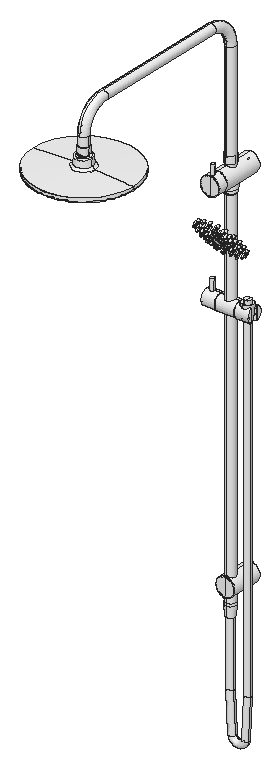
Revit family "Reece_Shower_Posh_Domaine_Rail Shower_Twin", category Plumbing Fixtures, Revit 2018
Family settings
  Round Connector Dimension = Use Diameter
  Part Type = Normal
  Work Plane-Based = Yes
  Always vertical = Yes
  Cut with Voids When Loaded = Yes
  Shared = Yes
  Room Calculation Point = Yes
Parameters (values of type "Chrome")
  URL = "https://www.reece.com.au/product/-2213365"
  Type Comments = "Shower"
  Reece_Tap_Inlet = 12 mm  # constant formula
  Reece_Rail_Length = 1155 mm  # constant formula
  Reece_Product_Web Page = "https://www.reece.com.au/product/-2213365"
  Reece_Product_Type = "Shower"  # constant formula
  Reece_Product_Sub Brand = "Domaine"  # constant formula
  Reece_Product_Number = "2213365"
  Reece_Product_Mount = "Wall Mounted"
  Reece_Product_Description = "Posh Domaine Twin Rail Shower with Top Rail Water Inlet Chrome (3 Star)"
  Reece_Product_Brand = "Posh"  # constant formula
  Reece_Overall_Width = 460 mm  # constant formula
  Reece_Overall_Diameter = 220 mm  # constant formula
  Reece_Material_Secondary = Reece_Brass_Chrome
  Reece_Material_Main = Reece_Brass_Chrome
  Reece_Height_From_Level [instance] = 1800 mm
  Reece_Detail_Shape = ""
  Reece_Detail_Installation = ""
  Reece_Detail_Disclaimer = "THIS FILE IS THE PROPERTY OF THE REECE GROUP. IT MAY NOT BE REPRODUCED, REVERSE-ENGINEERED OR MODIFIED. ANY REPUBLICATION, TRANSMISSION OR DISTRIBUTION FOR THE PURPOSE OF COMMERCIALLY EXPLOITING THE FILES IS PROHIBITED."  # constant formula
  Reece_Detail_Connector = ""
  Reece_Detail_Additional = ""
  Model = "Domaine"
  Manufacturer = "Posh"
  Keynote = "Product #2213365, Reece_Shower_Posh_Domaine_Rail Shower_Twin - Chrome"
  Disclaimer = "THIS FILE IS THE PROPERTY OF THE REECE GROUP. IT MAY NOT BE REPRODUCED, REVERSE-ENGINEERED OR MODIFIED. ANY REPUBLICATION, TRANSMISSION OR DISTRIBUTION FOR THE PURPOSE OF COMMERCIALLY EXPLOITING THE FILES IS PROHIBITED."  # constant formula
  Description = "Posh Domaine Twin Rail Shower Chrome (3 Star)"
  Default Elevation = 0 mm
Reference planes
  plane 1 "Center (Front/Back)": y = 0
  plane 2 "Height From Floor": z = 1800
  plane 3 "Center (Left/Right)": x = 0
  plane 4 "Bottom Of Invisible Line": z = -5
  plane 5: z = 1983
  plane 6: z = 989
  plane 7 "Showerhead": y = -460
  plane 8: x = -110
  plane 9: x = 110
  plane 10: z = 955
  plane 11 "cap": z = 2033.4
  plane 12 "Main Rail": y = -55
  plane 13 "Handshower": x = 37.867
  plane 14 "Handshower Holder": z = 1540
  plane 15: z = 2110
  plane 16: y = -112
Forms (mm)
  Extrusion 1, void
    sketch origin (0, 0, 1540) x (-1, 0, 0) y (0, -1, 0)
      loop
        line (-51.5, 46.759) -> (-36.728, 49.363) -> (-36.728, 60.637) -> (-51.5, 63.241) -> (-52.7, 64.241) -> (-56.166, 64.241) -> (-56.166, 45.759) -> (-52.7, 45.759) -> (-51.5, 46.759)
    from -17.956 to 18.372
  Extrusion 2, solid, material "Reece_Brass_Chrome" <- "Reece_Material_Main"
    sketch origin (0, 5, 1092.1) x (0, -1, 0) y (1, 0, 0)
      loop
        circle (60, 0) r 10.5
    from -137.1 to 707.9
  Sweep 3, solid, material "Reece_Brass_Chrome" <- "Reece_Material_Main"
    path origin (0, 5, 1854) x (0, 0, 1) y (0, -1, 0)
      loop
        line (-54, 60) -> (202.069, 60)
        arc (202.069, 60) -> (240.204, 75.796) -> (256, 113.931) r 53.931
        line (256, 113.931) -> (256, 411.069)
        arc (256, 411.069) -> (240.204, 449.204) -> (202.069, 465) r 53.931
    profile origin (0, -55, 1928.034) x (0, -1, 0) y (1, 0, 0)
      loop
        circle (0, 0) r 10.5
      loop
        circle (0, 0) r 10.3
  Extrusion 4, solid, material "Reece_Brass_Chrome" <- "Reece_Material_Main"
    sketch origin (0, 0, 1800) x (1, 0, 0) y (0, 1, 0)
      loop
        circle (0, -103.5) r 4
    from 0 to 40.3
  Revolve 5, solid, material "Reece_Brass_Chrome" <- "Reece_Material_Main"
    sketch origin (0, 0, 9) x (0, 1, 0) y (0, 0, 1)
      loop
        line (0, 1797.5) -> (0, 1811.5) -> (-90, 1811.5) -> (-90, 1810.5) -> (-91, 1810.5) -> (-91, 1811.5) -> (-111.5, 1811.5)
        arc (-111.5, 1811.5) -> (-111.854, 1811.354) -> (-112, 1811) r 0.5
        line (-112, 1811) -> (-112, 1791) -> (-42.172, 1791) -> (-42.172, 1797.5) -> (0, 1797.5)
      axis (0, 1791) -> (-112, 1791)
    angle from 0 to 360
  Extrusion 6, solid, material "Reece_Brass_Chrome" <- "Reece_Material_Main"
    sketch origin (0, 5, 1834.3) x (0, -1, 0) y (1, 0, 0)
      loop
        circle (60, 0) r 12
    from -9 to 6
  Extrusion 7, solid, material "Reece_Brass_Chrome" <- "Reece_Material_Main"
    sketch origin (0, 0, 1540) x (-1, 0, 0) y (0, -1, 0)
      loop
        circle (40, 55) r 4
    from 0 to 40
  Revolve 8, solid, material "Reece_Brass_Chrome" <- "Reece_Material_Main"
    sketch origin (0, 0, 1898.3) x (0, 0, 1) y (0, -1, 0)
      loop
        line (-971.093, 64.6) -> (-971.093, 55) -> (-943.3, 55) -> (-943.3, 66.175) -> (-947.468, 66.175) -> (-947.468, 63.625) -> (-949.093, 63.625) -> (-949.093, 66.067) -> (-971.093, 64.6)
      axis (-971.093, 55) -> (-943.3, 55)
    angle from 0 to 360
  Extrusion 9, void
    sketch origin (-5, 2.2, 1858.5) x (0, 0, 1) y (0, -1, 0)
      loop
        line (-18.2, 46.492) -> (-21.7, 46.492) -> (-21.7, 44.837) -> (-18.2, 44.837) -> (-18.2, 46.492)
      loop
        line (-18.2, 67.908) -> (-18.2, 69.563) -> (-21.7, 69.563) -> (-21.7, 67.908) -> (-18.2, 67.908)
    from -5.536 to 16.067
  Revolve 10, solid, material "Reece_Brass_Chrome" <- "Reece_Material_Main"
    sketch origin (37.867, 0, 0) x (0, 0, 1) y (0, -1, 0)
      loop
        line (1558.372, 42.553) -> (1558.372, 47.521) -> (1565.021, 47.521) -> (1565.021, 54.948) -> (1524.415, 54.948) -> (1524.415, 46.853)
        arc (1524.415, 46.853) -> (1524.673, 46.182) -> (1525.315, 45.858) r 1
        line (1525.315, 45.858) -> (1558.372, 42.553)
      axis (1524.415, 54.948) -> (1565.021, 54.948)
    angle from 0 to 360
  Revolve 11, solid, material "Reece_Brass_Chrome" <- "Reece_Material_Main"
    sketch origin (0, -460, -50) x (0, 0, 1) y (-1, 0, 0)
      loop
        line (2083.4, 0) -> (2106.069, 0) -> (2106.069, 10.5) -> (2086.4, 10.5) -> (2086.4, 8) -> (2083.4, 8) -> (2083.4, 0)
      axis (2083.4, 0) -> (2106.069, 0)
    angle from 0 to 360
  Revolve 12, solid, material "Reece_Brass_Chrome" <- "Reece_Material_Main"
    sketch origin (0, 5, 1860.4) x (0, 0, 1) y (0, -1, 0)
      loop
        line (-86.4, 70.808) -> (-87.9, 70.808) -> (-87.9, 73) -> (-93.4, 73) -> (-94.4, 72) -> (-95.7, 72) -> (-95.7, 60) -> (-60.4, 60) -> (-60.4, 73.8) -> (-86.4, 73.8) -> (-86.4, 70.808)
      axis (-95.7, 60) -> (-60.4, 60)
    angle from 0 to 360
  Revolve 13, solid, material "Reece_Brass_Chrome" <- "Reece_Material_Main"
    sketch origin (0, 0, 0) x (0, 1, 0) y (0, 0, 1)
      loop
        line (0, 1009.5) -> (-69.5, 1009.5)
        arc (-69.5, 1009.5) -> (-69.854, 1009.354) -> (-70, 1009) r 0.5
        line (-70, 1009) -> (-70, 989) -> (-40.96, 989) -> (-40.96, 996.5) -> (0, 996.5) -> (0, 1009.5)
      axis (0, 989) -> (-70, 989)
    angle from 0 to 360
  Revolve 14, void
    sketch origin (37.867, 0, 0) x (0, 0, 1) y (0, -1, 0)
      loop
        line (1522.044, 55) -> (1558.967, 55) -> (1558.967, 68.894) -> (1522.044, 64.36) -> (1522.044, 55)
      axis (1522.044, 55) -> (1558.967, 55)
    angle from 0 to 360
  Revolve 15, solid, material "Reece_Brass_Chrome" <- "Reece_Material_Main"
    sketch origin (0, -55, 0) x (0, 0, -1) y (-1, 0, 0)
      loop
        line (-1540, 51.6) -> (-1556.5, 51.6)
        arc (-1556.5, 51.6) -> (-1556.854, 51.454) -> (-1557, 51.1) r 0.5
        line (-1557, 51.1) -> (-1557, 21.9) -> (-1554.938, 21.9) -> (-1554.938, 21.1) -> (-1557, 21.1) -> (-1557, -21.1) -> (-1554.938, -21.1) -> (-1554.938, -22.7) -> (-1557.009, -22.7) -> (-1557.009, -52.7) -> (-1540, -52.7) -> (-1540, 51.6)
      axis (-1540, -52.7) -> (-1540, 51.6)
    angle from 0 to 360
  Sweep 16, solid, material "Reece_Brass_Chrome" <- "Reece_Material_Main"
    path origin (0, -55, 0) x (0, 0, -1) y (-1, 0, 0)
      loop
        line (-955, 0) -> (-782.94, 0)
        arc (-782.94, 0) -> (-738.256, -0.999) -> (-693.661, -3.993) r 1000
        arc (-693.661, -3.993) -> (-680, -18.933) -> (-693.661, -33.874) r 15
        arc (-693.661, -33.874) -> (-738.256, -36.868) -> (-782.94, -37.867) r 1000
        line (-782.94, -37.867) -> (-1540, -37.867)
    profile origin (37.867, -55, 1161.47) x (1, 0, 0) y (0, 1, 0)
      loop
        circle (0, 0) r 7.5
Cuts and joins
  Extrusion 9 cuts Extrusion 6
  Extrusion 1, Revolve 14 cuts Revolve 15
  joined: Extrusion 2, Sweep 3, Extrusion 4, Revolve 5, Extrusion 7, Revolve 12, Revolve 13, Revolve 15
Lines and regions (mm)
  model lines, style "InvisibleLines"
    curve 1: line (0, 0, -5) -> (0, 0, 1800)
Text (mm)
  text "Reece ©" at (2772.397, -2505.495, 2738.92), in view "Reece Preview"
Dimensions and locks
  "Reece_Height_From_Level": plane 2 "Height From Floor" to level
  "Reece_Overall_Width": plane 1 "Center (Front/Back)" to nested 2
  cut or joined group of Extrusion 6, Extrusion 9 to cut or joined group of Extrusion 6, Extrusion 9 to plane 2 "Height From Floor" = 15 mm locked, 25.3 mm locked
  plane 15 to plane 11 "cap" to plane 5 to plane 2 "Height From Floor" to plane 14 "Handshower Holder" = 76.6 mm locked, 50.4 mm locked, 183 mm locked, 260 mm locked
  locked: plane 14 "Handshower Holder" to nested 1 at 19.537
  locked: plane 2 "Height From Floor" to plane 6 at 811
  cut or joined group 1 (Extrusion 1, Extrusion 2, Sweep 3, Extrusion 4, Revolve 5, Extrusion 7, Revolve 12, Revolve 13, Revolve 14, Revolve 15) to cut or joined group 1 = 21 mm
  cut or joined group 1 to cut or joined group 1 = 34 mm
  cut or joined group 1 to cut or joined group 1 = 41 mm  (x2)
  plane 5 to plane 2 "Height From Floor" = 183 mm
  plane 2 "Height From Floor" to plane 10 = 845 mm
  plane 8 to nested 2 = 121.525 mm
  "Reece_Overall_Width": plane 7 "Showerhead" to plane 1 "Center (Front/Back)"
  plane 1 "Center (Front/Back)" to plane 16 = 112 mm
  "Reece_Rail_Length": plane 10 to plane 15
  "Reece_Overall_Diameter": plane 8 to nested 2
  aligned and locked: plane 2 "Height From Floor" to curve 1
  aligned and locked: plane 4 "Bottom Of Invisible Line" to curve 1
  aligned and locked: plane 3 "Center (Left/Right)" to curve 1
  aligned and locked: Revolve 5 sketch curve to plane 2 "Height From Floor"
  aligned and locked: Extrusion 4 to plane 2 "Height From Floor"
  aligned and locked: cut or joined group of Extrusion 6, Extrusion 9 to cut or joined group of Extrusion 6, Extrusion 9  (x2)
  aligned and locked: plane 2 "Height From Floor" to Sweep 3 sketch curve
  aligned and locked: plane 2 "Height From Floor" to Revolve 12 sketch curve
  aligned and locked: Extrusion 4 to cut or joined group of Extrusion 6, Extrusion 9
  aligned and locked: plane 2 "Height From Floor" to Extrusion 2
  aligned and locked: Extrusion 9 sketch curve to cut or joined group of Extrusion 6, Extrusion 9  (x2)
  aligned and locked: Revolve 8 sketch curve to plane 12 "Main Rail"
  aligned and locked: Revolve 8 sketch curve to plane 10
  aligned and locked: plane 10 to Extrusion 2
  aligned and locked: Revolve 10 to Extrusion 1
  aligned and locked: Revolve 14 to Extrusion 1
  aligned and locked: plane 14 "Handshower Holder" to Extrusion 7
  aligned and locked: plane 14 "Handshower Holder" to Sweep 16 sketch curve
  aligned and locked: plane 10 to Sweep 16 sketch curve
  aligned and locked: Revolve 11 to cut or joined group 1
  aligned and locked: plane 15 to Sweep 3 sketch curve
  aligned and locked: Revolve 11 to Revolve 11
  aligned and locked: Sweep 3 sketch curve to Revolve 11
Automatic sketch dimensions
  Extrusion 2 sketch curve to plane 3 "Center (Left/Right)" = 0 mm
  plane 1 "Center (Front/Back)" to Extrusion 2 sketch curve = 55 mm
  Extrusion 6 sketch curve to plane 3 "Center (Left/Right)" = 0 mm
  plane 1 "Center (Front/Back)" to Extrusion 6 sketch curve = 55 mm
  Sweep 3 sketch curve to plane 7 "Showerhead" = 0 mm
  plane 11 "cap" to Sweep 3 sketch curve = 22.669 mm
  Sweep 3 sketch curve to Sweep 3 sketch curve = 0 mm  (x2)
  Sweep 3 sketch curve to profile plane = 0 mm  (x2)
  Extrusion 9 sketch curve to Extrusion 9 sketch curve = 0 mm
  Extrusion 9 sketch curve to Extrusion 9 sketch curve = 3.5 mm
  plane 1 "Center (Front/Back)" to Extrusion 9 sketch curve = 42.637 mm
  Extrusion 9 sketch curve to Extrusion 9 sketch curve = 1.655 mm  (x2)
  Extrusion 9 sketch curve to Extrusion 9 sketch curve = 21.417 mm
  Revolve 11 sketch curve to plane 3 "Center (Left/Right)" = 0 mm  (x2)
  Revolve 11 sketch curve to plane 11 "cap" = 0 mm  (x2)
  plane 11 "cap" to Revolve 11 sketch curve = 3 mm
  Revolve 11 sketch curve to Revolve 11 sketch curve = 19.669 mm
  Revolve 11 sketch curve to plane 3 "Center (Left/Right)" = 8 mm
  Revolve 11 sketch curve to Revolve 11 sketch curve = 2.5 mm
  Revolve 11 sketch curve to Revolve 11 sketch curve = 0.379 mm
  Revolve 12 sketch curve to plane 2 "Height From Floor" = 26 mm
  Revolve 12 sketch curve to Revolve 12 sketch curve = 1.5 mm
  Revolve 12 sketch curve to Revolve 12 sketch curve = 5.5 mm
  Revolve 12 sketch curve to Revolve 12 sketch curve = 1 mm  (x2)
  Revolve 12 sketch curve to Revolve 12 sketch curve = 1.3 mm
  plane 1 "Center (Front/Back)" to Revolve 12 sketch curve = 55 mm
  Revolve 12 sketch curve to Revolve 12 sketch curve = 10.808 mm
  Revolve 12 sketch curve to Revolve 12 sketch curve = 1.192 mm
  Revolve 12 sketch curve to Revolve 12 sketch curve = 13.8 mm
  Revolve 12 sketch curve to plane 2 "Height From Floor" = 11.153 mm
  Revolve 12 sketch curve to Revolve 12 sketch curve = 0 mm  (x2)
  Revolve 13 sketch curve to plane 6 = 0 mm  (x2)
  Revolve 13 sketch curve to plane 1 "Center (Front/Back)" = 0 mm  (x2)
  plane 6 to Revolve 13 sketch curve = 7.5 mm
  Revolve 13 sketch curve to Revolve 13 sketch curve = 40.96 mm
  Revolve 13 sketch curve to Revolve 13 sketch curve = 28.54 mm
  Revolve 13 sketch curve to Revolve 13 sketch curve = 0.5 mm
  plane 6 to Revolve 13 sketch curve = 20 mm
  Revolve 13 sketch curve to Revolve 13 sketch curve = 85 mm
  plane 10 to Revolve 8 sketch curve = 27.793 mm
  Revolve 8 sketch curve to Revolve 8 sketch curve = 4.168 mm
  Revolve 8 sketch curve to Revolve 8 sketch curve = 0.975 mm
  Revolve 8 sketch curve to Revolve 8 sketch curve = 2.442 mm
  Revolve 8 sketch curve to Revolve 8 sketch curve = 2.55 mm
  Revolve 8 sketch curve to Revolve 8 sketch curve = 5.793 mm
  plane 6 to Revolve 8 sketch curve = 6.921 mm
  Revolve 8 sketch curve to Revolve 8 sketch curve = 9.6 mm
  Revolve 8 sketch curve to Revolve 8 sketch curve = 0 mm
  Revolve 8 sketch curve to Revolve 8 sketch curve = 1.625 mm
  Revolve 14 sketch curve to plane 12 "Main Rail" = 0 mm  (x2)
  Revolve 14 sketch curve to plane 2 "Height From Floor" = 277.956 mm
  Revolve 14 sketch curve to plane 12 "Main Rail" = 13.894 mm
  Revolve 14 sketch curve to Revolve 14 sketch curve = 36.924 mm
  Revolve 14 sketch curve to Revolve 14 sketch curve = 9.36 mm
  Revolve 14 sketch curve to Revolve 14 sketch curve = 7.81 mm
  Revolve 14 sketch curve to Revolve 14 sketch curve = 20.267 mm
  plane 12 "Main Rail" to Revolve 10 sketch curve = 0.052 mm  (x2)
  Revolve 10 sketch curve to plane 2 "Height From Floor" = 275.585 mm
  Revolve 10 sketch curve to Revolve 10 sketch curve = 1 mm
  plane 12 "Main Rail" to Revolve 10 sketch curve = 12.447 mm
  Revolve 10 sketch curve to Revolve 10 sketch curve = 32.957 mm
  Revolve 10 sketch curve to Revolve 10 sketch curve = 6.649 mm
  plane 12 "Main Rail" to Revolve 10 sketch curve = 8.147 mm
  Revolve 10 sketch curve to Revolve 10 sketch curve = 7.428 mm
  Revolve 10 sketch curve to Revolve 10 sketch curve = 0 mm  (x2)
  Revolve 10 sketch curve to Revolve 10 sketch curve = 0.1 mm
  plane 12 "Main Rail" to Revolve 10 sketch curve = 9.142 mm
  Revolve 10 sketch curve to Revolve 10 sketch curve = 1.035 mm
  Revolve 15 sketch curve to plane 13 "Handshower" = 15.167 mm
  Revolve 15 sketch curve to plane 2 "Height From Floor" = 242.991 mm
  Revolve 15 sketch curve to Revolve 15 sketch curve = 0.009 mm  (x2)
  Revolve 15 sketch curve to Revolve 15 sketch curve = 0.5 mm
  Revolve 15 sketch curve to Revolve 15 sketch curve = 2.071 mm
  Revolve 15 sketch curve to Revolve 15 sketch curve = 2.062 mm
  Revolve 15 sketch curve to Revolve 15 sketch curve = 16.5 mm
  plane 13 "Handshower" to Revolve 15 sketch curve = 14.833 mm
  Revolve 15 sketch curve to Revolve 15 sketch curve = 1.6 mm
  Revolve 15 sketch curve to plane 3 "Center (Left/Right)" = 21.1 mm
  Revolve 15 sketch curve to Revolve 15 sketch curve = 0.8 mm
  Revolve 15 sketch curve to Revolve 15 sketch curve = 29.2 mm
  Revolve 15 sketch curve to Revolve 15 sketch curve = 0 mm
  Revolve 15 sketch curve to plane 9 = 58.4 mm
  plane 8 to Revolve 15 sketch curve = 126.6 mm
  plane 13 "Handshower" to Extrusion 1 sketch curve = 18.299 mm
  Extrusion 1 sketch curve to Extrusion 1 sketch curve = 3.466 mm  (x2)
  Extrusion 1 sketch curve to Extrusion 1 sketch curve = 1.2 mm  (x2)
  Extrusion 1 sketch curve to plane 13 "Handshower" = 1.139 mm
  plane 12 "Main Rail" to Extrusion 1 sketch curve = 9.241 mm
  Extrusion 1 sketch curve to Extrusion 1 sketch curve = 1 mm  (x2)
  plane 12 "Main Rail" to Extrusion 1 sketch curve = 5.637 mm
  Extrusion 1 sketch curve to plane 12 "Main Rail" = 5.637 mm
  Extrusion 1 sketch curve to plane 12 "Main Rail" = 8.241 mm
  Extrusion 7 sketch curve to plane 12 "Main Rail" = 0 mm
  Extrusion 7 sketch curve to plane 3 "Center (Left/Right)" = 40 mm
  Extrusion 4 sketch curve to plane 3 "Center (Left/Right)" = 0 mm
  Extrusion 4 sketch curve to plane 12 "Main Rail" = 48.5 mm
  plane 7 "Showerhead" to Sweep 16 sketch curve = 405 mm
  Sweep 16 sketch curve to profile plane = 0 mm
  Sweep 16 sketch curve to plane 13 "Handshower" = 0 mm
  Sweep 16 sketch curve to plane 3 "Center (Left/Right)" = 0 mm
  plane 10 to Sweep 16 sketch curve = 172.06 mm
  Sweep 16 sketch curve to Sweep 16 sketch curve = 0 mm  (x2)
  plane 3 "Center (Left/Right)" to Sweep 16 sketch curve = 18.933 mm
  Sweep 16 sketch curve to Sweep 16 sketch curve = 87.94 mm
  Sweep 16 sketch curve to plane 9 = 890 mm
  plane 8 to Sweep 16 sketch curve = 852.133 mm
  Sweep 3 sketch curve to plane 12 "Main Rail" = 0 mm
  Revolve 5 sketch curve to plane 16 = 0 mm  (x2)
  Revolve 5 sketch curve to plane 2 "Height From Floor" = 0 mm
  Revolve 5 sketch curve to plane 1 "Center (Front/Back)" = 0 mm
  plane 16 to Revolve 5 sketch curve = 0.5 mm
  Revolve 5 sketch curve to Revolve 5 sketch curve = 20.5 mm
  Revolve 5 sketch curve to Revolve 5 sketch curve = 1 mm
  plane 12 "Main Rail" to Revolve 5 sketch curve = 12.828 mm
  plane 2 "Height From Floor" to Revolve 5 sketch curve = 6.5 mm
  Revolve 5 sketch curve to Revolve 5 sketch curve = 19.5 mm
  plane 2 "Height From Floor" to Revolve 5 sketch curve = 20 mm
  Revolve 5 sketch curve to Revolve 5 sketch curve = 0 mm  (x2)
  radius of Extrusion 2 sketch curve = 10.5 mm
  radius of Extrusion 6 sketch curve = 12 mm
  radius of Sweep 3 sketch curve = 10.5 mm
  radius of Sweep 3 sketch curve = 10.3 mm
  radius of Extrusion 7 sketch curve = 4 mm
  radius of Extrusion 4 sketch curve = 4 mm
  radius of Sweep 16 sketch curve = 7.5 mm
Nested families
  nested 1: "Reece_Posh_Domaine_Head" at (37.867, -40.96, -183.218), Reece_Material_Main <- "Reece_Material_Main", Reece_Material_Secondary <- "Reece_Material_Secondary", type "Reece_Posh_Domaine_Head"
    with Reece_Material_Secondary Reece_Brass_Chrome, Reece_Material_Main Reece_Brass_Chrome
  nested 2: "Reece_Shower_Milli_Pure_Overhead_220mm Head_Nested" at (0, -460, 2033.4) x (1, 0, 0) z (0, 0, -1), Reece_Material_Main <- "Reece_Material_Main", type "220mm Head"
    with Reece_Material_Main Reece_Brass_Chrome, Reece_Height_From_Level 0 mm
Connectors
  piping at (0, 0, 1800), diameter 12, driven by "Reece_Tap_Inlet"
    settings: on cut or joined group 1, index 1, connector inside diameter 609.6 mm, connector length 0 mm, flow factor 0, pipe flow 0.0 L/s, pressure drop 0.0 Pa, fitting loss kfactor 0, connector angle 0.00°, fixture units 0, engagement length 0 mm, angle of deflection 0.00°, flow configuration 0, flow direction 1, fitting loss method 0, system type 29, joint type 0, gender type 0, connector reference index -1, connector utility 0, adjustable connector no, is connector primary yes, connector description ""
Definition of nested family "Reece_Posh_Domaine_Head"
  Parameters (values of type "Reece_Posh_Domaine_Head")
    Waste Connection = no
    WFU = 0
    Vent Connection = no
    URL = ""
    Type Comments = ""
    Reece_Material_Secondary [instance] = none
    Reece_Material_Main [instance] = none
    Model = ""
    Manufacturer = ""
    Keynote = ""
    HWFU = 0
    HW Connection = no
    Description = ""
    Default Elevation = 0 mm
    Cost = 0
    CWFU = 0
    CW Connection = no
    Assembly Code = ""
  Reference planes
    plane 1 "Center (Front/Back)": y = 0
    plane 2 "Height From Floor": z = 1750
    plane 3 "Center (Left/Right)": x = 0
    plane 4 "Bottom Of Invisible Line": z = -5
    plane 5: through (4267.2, -13.988, 1746.252) normal (0, -0.9659, -0.2588)
  Forms (mm)
    Revolve 1, solid, material <- "Reece_Material_Main"
      sketch origin (0, -223.358, 2089.459) x (0, -0.560671, 0.828039) y (0, -0.828039, -0.560671)
        loop
          line (-232.229, -0.001) -> (-219.337, -0.001)
          arc (-219.337, -0.001) -> (-220.17, 0.57) -> (-220.79, 1.366) r 3.281
          line (-220.79, 1.366) -> (-221.822, 1.366)
          arc (-221.822, 1.366) -> (-221.861, 1.906) -> (-222.132, 2.375) r 1.204
          line (-222.132, 2.375) -> (-232.229, 2.375) -> (-232.229, -0.001)
        axis (-232.229, -0.001) -> (-232.229, 2.375)
      angle from 0 to 360
    Revolve 2, void
      sketch origin (0, -223.358, 2089.459) x (0, -0.560671, 0.828039) y (0, -0.828039, -0.560671)
        loop
          line (-232.229, 2.655) -> (-232.229, 1.366) -> (-227.644, 1.366)
          arc (-227.644, 1.366) -> (-224.747, 1.725) -> (-221.98, 2.655) r 14.531
          line (-221.98, 2.655) -> (-232.229, 2.655)
        axis (-232.229, 1.366) -> (-232.229, 2.655)
      angle from 0 to 360
    Extrusion 3, solid, material <- "Reece_Material_Main"
      sketch origin (0, 45.868, 1960.872) x (1, 0, 0) y (0, -0.568226, 0.822872)
        loop
          circle (0, 78.112) r 2.207
      from 141.626 to 147.837
    Extrusion 4, solid, material <- "Reece_Material_Main"
      sketch origin (15.853, 47.294, 1958.806) x (1, 0, 0) y (0, -0.568226, 0.822872)
        loop
          circle (0, 78.112) r 2.207
      from 141.626 to 147.837
    Extrusion 5, solid, material <- "Reece_Material_Main"
      sketch origin (0, 58.084, 1943.18) x (1, 0, 0) y (0, -0.568226, 0.822872)
        loop
          circle (0, 78.112) r 2.207
      from 141.626 to 150.837
    Extrusion 6, solid, material <- "Reece_Material_Main"
      sketch origin (30.389, 51.503, 1952.711) x (1, 0, 0) y (0, -0.568226, 0.822872)
        loop
          circle (0, 78.112) r 2.207
      from 141.626 to 147.837
    Extrusion 7, solid, material <- "Reece_Material_Main"
      sketch origin (41.813, 57.994, 1943.311) x (1, 0, 0) y (0, -0.568226, 0.822872)
        loop
          circle (0, 78.112) r 2.207
      from 141.626 to 147.837
    Extrusion 8, solid, material <- "Reece_Material_Main"
      sketch origin (7.246, 52.185, 1951.724) x (1, 0, 0) y (0, -0.568226, 0.822872)
        loop
          circle (0, 78.112) r 2.207
      from 141.626 to 149.837
    Extrusion 9, solid, material <- "Reece_Material_Main"
      sketch origin (20.535, 55.002, 1947.644) x (1, 0, 0) y (0, -0.568226, 0.822872)
        loop
          circle (0, 78.112) r 2.207
      from 141.626 to 149.837
    Extrusion 10, solid, material <- "Reece_Material_Main"
      sketch origin (11.512, 59.459, 1941.19) x (1, 0, 0) y (0, -0.568226, 0.822872)
        loop
          circle (0, 78.112) r 2.207
      from 141.626 to 150.837
    Extrusion 11, solid, material <- "Reece_Material_Main"
      sketch origin (20.995, 63.093, 1935.926) x (1, 0, 0) y (0, -0.568226, 0.822872)
        loop
          circle (0, 78.112) r 2.207
      from 141.626 to 150.837
    Extrusion 12, solid, material <- "Reece_Material_Main"
      sketch origin (31.232, 60.117, 1940.237) x (1, 0, 0) y (0, -0.568226, 0.822872)
        loop
          circle (0, 78.112) r 2.207
      from 141.626 to 149.837
    Extrusion 13, solid, material <- "Reece_Material_Main"
      sketch origin (38.742, 67.106, 1930.116) x (1, 0, 0) y (0, -0.568226, 0.822872)
        loop
          circle (0, 78.112) r 2.207
      from 141.626 to 149.837
    Extrusion 14, solid, material <- "Reece_Material_Main"
      sketch origin (27.823, 68.653, 1927.875) x (1, 0, 0) y (0, -0.568226, 0.822872)
        loop
          circle (0, 78.112) r 2.207
      from 141.626 to 150.837
    Extrusion 15, solid, material <- "Reece_Material_Main"
      sketch origin (15.853, 14.591, 2006.164) x (1, 0, 0) y (0, -0.568226, 0.822872)
        loop
          circle (0, -78.112) r 2.207
      from 141.626 to 149.837
    Extrusion 16, solid, material <- "Reece_Material_Main"
      sketch origin (0, 3.801, 2021.79) x (1, 0, 0) y (0, -0.568226, 0.822872)
        loop
          circle (0, -78.112) r 2.207
      from 141.626 to 151.837
    Extrusion 17, solid, material <- "Reece_Material_Main"
      sketch origin (30.389, 10.383, 2012.259) x (1, 0, 0) y (0, -0.568226, 0.822872)
        loop
          circle (0, -78.112) r 2.207
      from 141.626 to 148.837
    Extrusion 18, solid, material <- "Reece_Material_Main"
      sketch origin (41.813, 3.892, 2021.659) x (1, 0, 0) y (0, -0.568226, 0.822872)
        loop
          circle (0, -78.112) r 2.207
      from 141.626 to 147.837
    Extrusion 19, solid, material <- "Reece_Material_Main"
      sketch origin (7.246, 9.701, 2013.246) x (1, 0, 0) y (0, -0.568226, 0.822872)
        loop
          circle (0, -78.112) r 2.207
      from 141.626 to 151.837
    Extrusion 20, solid, material <- "Reece_Material_Main"
      sketch origin (20.535, 6.884, 2017.326) x (1, 0, 0) y (0, -0.568226, 0.822872)
        loop
          circle (0, -78.112) r 2.207
      from 141.626 to 150.837
    Extrusion 21, solid, material <- "Reece_Material_Main"
      sketch origin (11.512, 2.427, 2023.78) x (1, 0, 0) y (0, -0.568226, 0.822872)
        loop
          circle (0, -78.112) r 2.207
      from 141.626 to 151.837
    Extrusion 22, solid, material <- "Reece_Material_Main"
      sketch origin (20.995, -1.208, 2029.044) x (1, 0, 0) y (0, -0.568226, 0.822872)
        loop
          circle (0, -78.112) r 2.207
      from 141.626 to 150.837
    Extrusion 23, solid, material <- "Reece_Material_Main"
      sketch origin (31.232, 1.769, 2024.733) x (1, 0, 0) y (0, -0.568226, 0.822872)
        loop
          circle (0, -78.112) r 2.207
      from 141.626 to 149.837
    Extrusion 24, solid, material <- "Reece_Material_Main"
      sketch origin (49.242, -4.168, 2033.331) x (1, 0, 0) y (0, -0.568226, 0.822872)
        loop
          circle (0, -78.112) r 2.207
      from 141.626 to 147.837
    Extrusion 25, solid, material <- "Reece_Material_Main"
      sketch origin (38.742, -5.22, 2034.855) x (1, 0, 0) y (0, -0.568226, 0.822872)
        loop
          circle (0, -78.112) r 2.207
      from 141.626 to 149.837
    Extrusion 26, solid, material <- "Reece_Material_Main"
      sketch origin (27.823, -6.767, 2037.095) x (1, 0, 0) y (0, -0.568226, 0.822872)
        loop
          circle (0, -78.112) r 2.207
      from 141.626 to 150.837
    Extrusion 27, solid, material <- "Reece_Material_Main"
      sketch origin (30.133, 75.218, 1918.368) x (1, 0, 0) y (0, -0.568226, 0.822872)
        loop
          circle (0, 78.112) r 2.207
      from 141.626 to 150.837
    Extrusion 28, solid, material <- "Reece_Material_Main"
      sketch origin (41.096, 75.218, 1918.368) x (1, 0, 0) y (0, -0.568226, 0.822872)
        loop
          circle (0, 78.112) r 2.207
      from 141.626 to 149.837
    Extrusion 29, solid, material <- "Reece_Material_Main"
      sketch origin (51.599, 75.218, 1918.368) x (1, 0, 0) y (0, -0.568226, 0.822872)
        loop
          circle (0, 78.112) r 2.207
      from 141.626 to 147.837
    Extrusion 30, solid, material <- "Reece_Material_Main"
      sketch origin (-15.853, 47.294, 1958.806) x (-1, 0, 0) y (0, 0.568226, -0.822872)
        loop
          circle (0, -78.112) r 2.207
      from 141.626 to 147.837
    Extrusion 31, solid, material <- "Reece_Material_Main"
      sketch origin (-30.389, 51.503, 1952.711) x (-1, 0, 0) y (0, 0.568226, -0.822872)
        loop
          circle (0, -78.112) r 2.207
      from 141.626 to 147.837
    Extrusion 32, solid, material <- "Reece_Material_Main"
      sketch origin (-41.813, 57.994, 1943.311) x (-1, 0, 0) y (0, 0.568226, -0.822872)
        loop
          circle (0, -78.112) r 2.207
      from 141.626 to 147.837
    Extrusion 33, solid, material <- "Reece_Material_Main"
      sketch origin (-7.246, 52.185, 1951.724) x (-1, 0, 0) y (0, 0.568226, -0.822872)
        loop
          circle (0, -78.112) r 2.207
      from 141.626 to 149.837
    Extrusion 34, solid, material <- "Reece_Material_Main"
      sketch origin (-20.535, 55.002, 1947.644) x (-1, 0, 0) y (0, 0.568226, -0.822872)
        loop
          circle (0, -78.112) r 2.207
      from 141.626 to 149.837
    Extrusion 35, solid, material <- "Reece_Material_Main"
      sketch origin (-11.512, 59.459, 1941.19) x (-1, 0, 0) y (0, 0.568226, -0.822872)
        loop
          circle (0, -78.112) r 2.207
      from 141.626 to 150.837
    Extrusion 36, solid, material <- "Reece_Material_Main"
      sketch origin (-20.995, 63.093, 1935.926) x (-1, 0, 0) y (0, 0.568226, -0.822872)
        loop
          circle (0, -78.112) r 2.207
      from 141.626 to 150.837
    Extrusion 37, solid, material <- "Reece_Material_Main"
      sketch origin (-31.232, 60.117, 1940.237) x (-1, 0, 0) y (0, 0.568226, -0.822872)
        loop
          circle (0, -78.112) r 2.207
      from 141.626 to 149.837
    Extrusion 38, solid, material <- "Reece_Material_Main"
      sketch origin (-49.242, 66.054, 1931.639) x (-1, 0, 0) y (0, 0.568226, -0.822872)
        loop
          circle (0, -78.112) r 2.207
      from 141.626 to 147.837
    Extrusion 39, solid, material <- "Reece_Material_Main"
      sketch origin (-38.742, 67.106, 1930.116) x (-1, 0, 0) y (0, 0.568226, -0.822872)
        loop
          circle (0, -78.112) r 2.207
      from 141.626 to 149.837
    Extrusion 40, solid, material <- "Reece_Material_Main"
      sketch origin (-27.823, 68.653, 1927.875) x (-1, 0, 0) y (0, 0.568226, -0.822872)
        loop
          circle (0, -78.112) r 2.207
      from 141.626 to 150.837
    Extrusion 41, solid, material <- "Reece_Material_Main"
      sketch origin (-15.853, 14.591, 2006.164) x (-1, 0, 0) y (0, 0.568226, -0.822872)
        loop
          circle (0, 78.112) r 2.207
      from 141.626 to 149.837
    Extrusion 42, solid, material <- "Reece_Material_Main"
      sketch origin (-30.389, 10.383, 2012.259) x (-1, 0, 0) y (0, 0.568226, -0.822872)
        loop
          circle (0, 78.112) r 2.207
      from 141.626 to 148.837
    Extrusion 43, solid, material <- "Reece_Material_Main"
      sketch origin (-41.813, 3.892, 2021.659) x (-1, 0, 0) y (0, 0.568226, -0.822872)
        loop
          circle (0, 78.112) r 2.207
      from 141.626 to 147.837
    Extrusion 44, solid, material <- "Reece_Material_Main"
      sketch origin (-7.246, 9.701, 2013.246) x (-1, 0, 0) y (0, 0.568226, -0.822872)
        loop
          circle (0, 78.112) r 2.207
      from 141.626 to 151.837
    Extrusion 45, solid, material <- "Reece_Material_Main"
      sketch origin (-20.535, 6.884, 2017.326) x (-1, 0, 0) y (0, 0.568226, -0.822872)
        loop
          circle (0, 78.112) r 2.207
      from 141.626 to 151.837
    Extrusion 46, solid, material <- "Reece_Material_Main"
      sketch origin (-20.995, -1.208, 2029.044) x (-1, 0, 0) y (0, 0.568226, -0.822872)
        loop
          circle (0, 78.112) r 2.207
      from 141.626 to 151.837
    Extrusion 47, solid, material <- "Reece_Material_Main"
      sketch origin (-31.232, 1.769, 2024.733) x (-1, 0, 0) y (0, 0.568226, -0.822872)
        loop
          circle (0, 78.112) r 2.207
      from 141.626 to 150.837
    Extrusion 48, solid, material <- "Reece_Material_Main"
      sketch origin (-49.242, -4.168, 2033.331) x (-1, 0, 0) y (0, 0.568226, -0.822872)
        loop
          circle (0, 78.112) r 2.207
      from 141.626 to 147.837
    Extrusion 49, solid, material <- "Reece_Material_Main"
      sketch origin (-38.742, -5.22, 2034.855) x (-1, 0, 0) y (0, 0.568226, -0.822872)
        loop
          circle (0, 78.112) r 2.207
      from 141.626 to 149.837
    Extrusion 50, solid, material <- "Reece_Material_Main"
      sketch origin (-27.823, -6.767, 2037.095) x (-1, 0, 0) y (0, 0.568226, -0.822872)
        loop
          circle (0, 78.112) r 2.207
      from 141.626 to 150.837
    Extrusion 51, solid, material <- "Reece_Material_Main"
      sketch origin (-30.133, 75.218, 1918.368) x (-1, 0, 0) y (0, 0.568226, -0.822872)
        loop
          circle (0, -78.112) r 2.207
      from 141.626 to 150.837
    Extrusion 52, solid, material <- "Reece_Material_Main"
      sketch origin (-41.096, 75.218, 1918.368) x (-1, 0, 0) y (0, 0.568226, -0.822872)
        loop
          circle (0, -78.112) r 2.207
      from 141.626 to 149.837
    Extrusion 53, solid, material <- "Reece_Material_Main"
      sketch origin (-51.599, 75.218, 1918.368) x (-1, 0, 0) y (0, 0.568226, -0.822872)
        loop
          circle (0, -78.112) r 2.207
      from 141.626 to 147.837
    Extrusion 54, solid, material <- "Reece_Material_Main"
      sketch origin (6.831, 64.865, 1933.361) x (1, 0, 0) y (0, -0.568226, 0.822872)
        loop
          circle (8.883, 68.967) r 3.52
        loop
          circle (10.967, 56.864) r 3.52
      from 141.626 to 151.837
    Extrusion 55, solid, material <- "Reece_Material_Main"
      sketch origin (-6.831, 64.865, 1933.361) x (-1, 0, 0) y (0, 0.568226, -0.822872)
        loop
          circle (8.883, -68.967) r 3.52
        loop
          circle (10.967, -56.864) r 3.52
      from 141.626 to 151.837
    Extrusion 56, solid, material <- "Reece_Material_Main"
      sketch origin (6.604, 64.932, 1933.263) x (1, 0, 0) y (0, -0.568226, 0.822872)
        loop
          circle (-0.404, 76.966) r 3.648
      from 141.626 to 151.837
    Extrusion 57, solid, material <- "Reece_Material_Main"
      sketch origin (-6.604, 64.932, 1933.263) x (-1, 0, 0) y (0, 0.568226, -0.822872)
        loop
          circle (-0.404, -76.966) r 3.648
      from 141.626 to 151.837
    Extrusion 58, solid, material <- "Reece_Material_Main"
      sketch origin (-12.028, -5.013, 2034.554) x (-1, 0, 0) y (0, 0.568226, -0.822872)
        loop
          circle (-0.404, 76.966) r 3.648
      from 141.626 to 151.837
    Extrusion 59, solid, material <- "Reece_Material_Main"
      sketch origin (11.298, -5.004, 2034.54) x (-1, 0, 0) y (0, 0.568226, -0.822872)
        loop
          circle (-0.404, 76.966) r 3.648
      from 141.626 to 151.837
    Extrusion 60, void
      sketch origin (0, 45.868, 1960.872) x (1, 0, 0) y (0, -0.568226, 0.822872)
        loop
          circle (0, 78.112) r 2.207
      from 141.626 to 164.794
    Extrusion 61, void
      sketch origin (15.853, 47.294, 1958.806) x (1, 0, 0) y (0, -0.568226, 0.822872)
        loop
          circle (0, 78.112) r 2.207
      from 141.626 to 164.794
    Extrusion 62, void
      sketch origin (0, 58.084, 1943.18) x (1, 0, 0) y (0, -0.568226, 0.822872)
        loop
          circle (0, 78.112) r 2.207
      from 141.626 to 164.794
    Extrusion 63, void
      sketch origin (30.389, 51.503, 1952.711) x (1, 0, 0) y (0, -0.568226, 0.822872)
        loop
          circle (0, 78.112) r 2.207
      from 141.626 to 164.794
    Extrusion 64, void
      sketch origin (41.813, 57.994, 1943.311) x (1, 0, 0) y (0, -0.568226, 0.822872)
        loop
          circle (0, 78.112) r 2.207
      from 141.626 to 164.794
    Extrusion 65, void
      sketch origin (7.246, 52.185, 1951.724) x (1, 0, 0) y (0, -0.568226, 0.822872)
        loop
          circle (0, 78.112) r 2.207
      from 141.626 to 164.794
    Extrusion 66, void
      sketch origin (20.535, 55.002, 1947.644) x (1, 0, 0) y (0, -0.568226, 0.822872)
        loop
          circle (0, 78.112) r 2.207
      from 141.626 to 164.794
    Extrusion 67, void
      sketch origin (11.512, 59.459, 1941.19) x (1, 0, 0) y (0, -0.568226, 0.822872)
        loop
          circle (0, 78.112) r 2.207
      from 141.626 to 164.794
    Extrusion 68, void
      sketch origin (20.995, 63.093, 1935.926) x (1, 0, 0) y (0, -0.568226, 0.822872)
        loop
          circle (0, 78.112) r 2.207
      from 141.626 to 164.794
    Extrusion 69, void
      sketch origin (31.232, 60.117, 1940.237) x (1, 0, 0) y (0, -0.568226, 0.822872)
        loop
          circle (0, 78.112) r 2.207
      from 141.626 to 164.794
    Extrusion 70, void
      sketch origin (49.242, 66.054, 1931.639) x (1, 0, 0) y (0, -0.568226, 0.822872)
        loop
          circle (0, 78.112) r 2.207
      from 141.626 to 164.794
    Extrusion 71, void
      sketch origin (38.742, 67.106, 1930.116) x (1, 0, 0) y (0, -0.568226, 0.822872)
        loop
          circle (0, 78.112) r 2.207
      from 141.626 to 164.794
    Extrusion 72, void
      sketch origin (27.823, 68.653, 1927.875) x (1, 0, 0) y (0, -0.568226, 0.822872)
        loop
          circle (0, 78.112) r 2.207
      from 141.626 to 164.794
    Extrusion 73, void
      sketch origin (15.853, 14.591, 2006.164) x (1, 0, 0) y (0, -0.568226, 0.822872)
        loop
          circle (0, -78.112) r 2.207
      from 141.626 to 164.794
    Extrusion 74, void
      sketch origin (0, 3.801, 2021.79) x (1, 0, 0) y (0, -0.568226, 0.822872)
        loop
          circle (0, -78.112) r 2.207
      from 141.626 to 164.794
    Extrusion 75, void
      sketch origin (30.389, 10.383, 2012.259) x (1, 0, 0) y (0, -0.568226, 0.822872)
        loop
          circle (0, -78.112) r 2.207
      from 141.626 to 164.794
    Extrusion 76, void
      sketch origin (41.813, 3.892, 2021.659) x (1, 0, 0) y (0, -0.568226, 0.822872)
        loop
          circle (0, -78.112) r 2.207
      from 141.626 to 164.794
    Extrusion 77, void
      sketch origin (7.246, 9.701, 2013.246) x (1, 0, 0) y (0, -0.568226, 0.822872)
        loop
          circle (0, -78.112) r 2.207
      from 141.626 to 164.794
    Extrusion 78, void
      sketch origin (20.535, 6.884, 2017.326) x (1, 0, 0) y (0, -0.568226, 0.822872)
        loop
          circle (0, -78.112) r 2.207
      from 141.626 to 164.794
    Extrusion 79, void
      sketch origin (11.512, 2.427, 2023.78) x (1, 0, 0) y (0, -0.568226, 0.822872)
        loop
          circle (0, -78.112) r 2.207
      from 141.626 to 164.794
    Extrusion 80, void
      sketch origin (20.995, -1.208, 2029.044) x (1, 0, 0) y (0, -0.568226, 0.822872)
        loop
          circle (0, -78.112) r 2.207
      from 141.626 to 164.794
    Extrusion 81, void
      sketch origin (31.232, 1.769, 2024.733) x (1, 0, 0) y (0, -0.568226, 0.822872)
        loop
          circle (0, -78.112) r 2.207
      from 141.626 to 164.794
    Extrusion 82, void
      sketch origin (49.242, -4.168, 2033.331) x (1, 0, 0) y (0, -0.568226, 0.822872)
        loop
          circle (0, -78.112) r 2.207
      from 141.626 to 164.794
    Extrusion 83, void
      sketch origin (38.742, -5.22, 2034.855) x (1, 0, 0) y (0, -0.568226, 0.822872)
        loop
          circle (0, -78.112) r 2.207
      from 141.626 to 164.794
    Extrusion 84, void
      sketch origin (27.823, -6.767, 2037.095) x (1, 0, 0) y (0, -0.568226, 0.822872)
        loop
          circle (0, -78.112) r 2.207
      from 141.626 to 164.794
    Extrusion 85, void
      sketch origin (30.133, 75.218, 1918.368) x (1, 0, 0) y (0, -0.568226, 0.822872)
        loop
          circle (0, 78.112) r 2.207
      from 141.626 to 164.794
    Extrusion 86, void
      sketch origin (41.096, 75.218, 1918.368) x (1, 0, 0) y (0, -0.568226, 0.822872)
        loop
          circle (0, 78.112) r 2.207
      from 141.626 to 164.794
    Extrusion 87, void
      sketch origin (51.599, 75.218, 1918.368) x (1, 0, 0) y (0, -0.568226, 0.822872)
        loop
          circle (0, 78.112) r 2.207
      from 141.626 to 164.794
    Extrusion 88, void
      sketch origin (-15.853, 47.294, 1958.806) x (-1, 0, 0) y (0, 0.568226, -0.822872)
        loop
          circle (0, -78.112) r 2.207
      from 141.626 to 164.794
    Extrusion 89, void
      sketch origin (-30.389, 51.503, 1952.711) x (-1, 0, 0) y (0, 0.568226, -0.822872)
        loop
          circle (0, -78.112) r 2.207
      from 141.626 to 164.794
    Extrusion 90, void
      sketch origin (-41.813, 57.994, 1943.311) x (-1, 0, 0) y (0, 0.568226, -0.822872)
        loop
          circle (0, -78.112) r 2.207
      from 141.626 to 164.794
    Extrusion 91, void
      sketch origin (-7.246, 52.185, 1951.724) x (-1, 0, 0) y (0, 0.568226, -0.822872)
        loop
          circle (0, -78.112) r 2.207
      from 141.626 to 164.794
    Extrusion 92, void
      sketch origin (-20.535, 55.002, 1947.644) x (-1, 0, 0) y (0, 0.568226, -0.822872)
        loop
          circle (0, -78.112) r 2.207
      from 141.626 to 164.794
    Extrusion 93, void
      sketch origin (-11.512, 59.459, 1941.19) x (-1, 0, 0) y (0, 0.568226, -0.822872)
        loop
          circle (0, -78.112) r 2.207
      from 141.626 to 164.794
    Extrusion 94, void
      sketch origin (-20.995, 63.093, 1935.926) x (-1, 0, 0) y (0, 0.568226, -0.822872)
        loop
          circle (0, -78.112) r 2.207
      from 141.626 to 164.794
    Extrusion 95, void
      sketch origin (-31.232, 60.117, 1940.237) x (-1, 0, 0) y (0, 0.568226, -0.822872)
        loop
          circle (0, -78.112) r 2.207
      from 141.626 to 164.794
    Extrusion 96, void
      sketch origin (-49.242, 66.054, 1931.639) x (-1, 0, 0) y (0, 0.568226, -0.822872)
        loop
          circle (0, -78.112) r 2.207
      from 141.626 to 164.794
    Extrusion 97, void
      sketch origin (-38.742, 67.106, 1930.116) x (-1, 0, 0) y (0, 0.568226, -0.822872)
        loop
          circle (0, -78.112) r 2.207
      from 141.626 to 164.794
    Extrusion 98, void
      sketch origin (-27.823, 68.653, 1927.875) x (-1, 0, 0) y (0, 0.568226, -0.822872)
        loop
          circle (0, -78.112) r 2.207
      from 141.626 to 164.794
    Extrusion 99, void
      sketch origin (-15.853, 14.591, 2006.164) x (-1, 0, 0) y (0, 0.568226, -0.822872)
        loop
          circle (0, 78.112) r 2.207
      from 141.626 to 164.794
    Extrusion 100, void
      sketch origin (-30.389, 10.383, 2012.259) x (-1, 0, 0) y (0, 0.568226, -0.822872)
        loop
          circle (0, 78.112) r 2.207
      from 141.626 to 164.794
    Extrusion 101, void
      sketch origin (-41.813, 3.892, 2021.659) x (-1, 0, 0) y (0, 0.568226, -0.822872)
        loop
          circle (0, 78.112) r 2.207
      from 141.626 to 164.794
    Extrusion 102, void
      sketch origin (-7.246, 9.701, 2013.246) x (-1, 0, 0) y (0, 0.568226, -0.822872)
        loop
          circle (0, 78.112) r 2.207
      from 141.626 to 164.794
    Extrusion 103, void
      sketch origin (-20.535, 6.884, 2017.326) x (-1, 0, 0) y (0, 0.568226, -0.822872)
        loop
          circle (0, 78.112) r 2.207
      from 141.626 to 164.794
    Extrusion 104, void
      sketch origin (-20.995, -1.208, 2029.044) x (-1, 0, 0) y (0, 0.568226, -0.822872)
        loop
          circle (0, 78.112) r 2.207
      from 141.626 to 164.794
    Extrusion 105, void
      sketch origin (-31.232, 1.769, 2024.733) x (-1, 0, 0) y (0, 0.568226, -0.822872)
        loop
          circle (0, 78.112) r 2.207
      from 141.626 to 164.794
    Extrusion 106, void
      sketch origin (-49.242, -4.168, 2033.331) x (-1, 0, 0) y (0, 0.568226, -0.822872)
        loop
          circle (0, 78.112) r 2.207
      from 141.626 to 164.794
    Extrusion 107, void
      sketch origin (-27.823, -6.767, 2037.095) x (-1, 0, 0) y (0, 0.568226, -0.822872)
        loop
          circle (0, 78.112) r 2.207
      from 141.626 to 164.794
    Extrusion 108, void
      sketch origin (-30.133, 75.218, 1918.368) x (-1, 0, 0) y (0, 0.568226, -0.822872)
        loop
          circle (0, -78.112) r 2.207
      from 141.626 to 164.794
    Extrusion 109, void
      sketch origin (-41.096, 75.218, 1918.368) x (-1, 0, 0) y (0, 0.568226, -0.822872)
        loop
          circle (0, -78.112) r 2.207
      from 141.626 to 164.794
    Extrusion 110, void
      sketch origin (-51.599, 75.218, 1918.368) x (-1, 0, 0) y (0, 0.568226, -0.822872)
        loop
          circle (0, -78.112) r 2.207
      from 141.626 to 164.794
    Extrusion 111, void
      sketch origin (6.831, 64.865, 1933.361) x (1, 0, 0) y (0, -0.568226, 0.822872)
        loop
          circle (8.883, 68.967) r 3.52
        loop
          circle (10.967, 56.864) r 3.52
      from 141.626 to 164.794
    Extrusion 112, void
      sketch origin (-6.831, 64.865, 1933.361) x (-1, 0, 0) y (0, 0.568226, -0.822872)
        loop
          circle (8.883, -68.967) r 3.52
        loop
          circle (10.967, -56.864) r 3.52
      from 141.626 to 164.794
    Extrusion 113, void
      sketch origin (6.604, 64.932, 1933.263) x (1, 0, 0) y (0, -0.568226, 0.822872)
        loop
          circle (-0.404, 76.966) r 3.648
      from 141.626 to 164.794
    Extrusion 114, void
      sketch origin (-6.604, 64.932, 1933.263) x (-1, 0, 0) y (0, 0.568226, -0.822872)
        loop
          circle (-0.404, -76.966) r 3.648
      from 141.626 to 164.794
    Extrusion 115, void
      sketch origin (-12.028, -5.013, 2034.554) x (-1, 0, 0) y (0, 0.568226, -0.822872)
        loop
          circle (-0.404, 76.966) r 3.648
      from 141.626 to 164.794
    Extrusion 116, void
      sketch origin (11.298, -5.004, 2034.54) x (-1, 0, 0) y (0, 0.568226, -0.822872)
        loop
          circle (-0.404, 76.966) r 3.648
      from 141.626 to 164.794
    Extrusion 117, void
      sketch origin (-0.533, -2.557, 2030.997) x (-1, 0, 0) y (0, 0.568226, -0.822872)
        loop
          circle (-0.404, 76.966) r 3.648
      from 141.626 to 164.794
    Extrusion 118, solid, material <- "Reece_Material_Main"
      sketch origin (-0.533, -2.557, 2030.997) x (-1, 0, 0) y (0, 0.568226, -0.822872)
        loop
          circle (-0.404, 76.966) r 3.648
      from 141.626 to 151.837
    Extrusion 119, solid, material <- "Reece_Material_Main"
      sketch origin (49.242, 66.054, 1931.639) x (1, 0, 0) y (0, -0.568226, 0.822872)
        loop
          circle (0, 78.112) r 2.207
      from 141.626 to 147.837
    Extrusion 120, void
      sketch origin (-11.668, 2.784, 2023.263) x (1, 0, 0) y (0, -0.568226, 0.822872)
        loop
          circle (0, -78.112) r 2.207
      from 141.626 to 164.794
    Extrusion 121, solid, material <- "Reece_Material_Main"
      sketch origin (-11.668, 2.784, 2023.263) x (1, 0, 0) y (0, -0.568226, 0.822872)
        loop
          circle (0, -78.112) r 2.207
      from 141.626 to 151.837
    Extrusion 122, void
      sketch origin (-38.742, -5.22, 2034.855) x (-1, 0, 0) y (0, 0.568226, -0.822872)
        loop
          circle (0, 78.112) r 2.207
      from 141.626 to 153.943
  Cuts and joins
    Extrusion 60, Extrusion 61, Extrusion 62, Extrusion 63, Extrusion 64, Extrusion 65, Extrusion 66, Extrusion 67, Extrusion 68, Extrusion 69, Extrusion 70, Extrusion 71, Extrusion 72, Extrusion 73, Extrusion 74, Extrusion 75, Extrusion 76, Extrusion 77, Extrusion 78, Extrusion 79, Extrusion 80, Extrusion 81, Extrusion 82, Extrusion 83, Extrusion 84, Extrusion 85, Extrusion 86, Extrusion 87, Extrusion 88, Extrusion 89, Extrusion 90, Extrusion 91, Extrusion 92, Extrusion 93, Extrusion 94, Extrusion 95, Extrusion 96, Extrusion 97, Extrusion 98, Extrusion 99, Extrusion 100, Extrusion 101, Extrusion 102, Extrusion 103, Extrusion 104, Extrusion 105, Extrusion 106, Extrusion 107, Extrusion 108, Extrusion 109, Extrusion 110, Extrusion 111, Extrusion 112, Extrusion 113, Extrusion 114, Extrusion 115, Extrusion 116, Extrusion 117, Extrusion 120 cuts ?
    joined: Extrusion 3, Extrusion 30
  Lines and regions (mm)
    symbolic lines
      curve 1: arc (0, -60.885, 1851.915) -> (0, -65.303, 1857.355) -> (0, -69.707, 1862.808) r 2660.249
      curve 2: line (0, -27.041, 1742.754) -> (0, -44.2, 1811.575)
      curve 3: arc (0, -44.2, 1811.575) -> (0, -47.148, 1822.096) -> (0, -50.698, 1832.429) r 189.436
      curve 4: arc (0, -84.084, 1939.003) -> (0, -63.644, 1917.109) -> (0, -47.73, 1891.733) r 157.12
      curve 5: arc (0, -84.084, 1939.003) -> (0, -90.701, 1944.604) -> (0, -97.556, 1949.912) r 198.922
      curve 6: arc (0, -97.556, 1949.912) -> (0, -106.216, 1955.662) -> (0, -115.416, 1960.501) r 102.039
      curve 7: arc (0, -115.416, 1960.501) -> (0, -120.333, 1959.475) -> (0, -123.499, 1955.575) r 7.497
      curve 8: arc (0, -123.499, 1955.575) -> (0, -121.263, 1949.246) -> (0, -118.703, 1943.04) r 129.705
      curve 9: arc (0, -118.703, 1943.04) -> (0, -116.051, 1936.717) -> (0, -113.146, 1930.505) r 169.288
      curve 10: arc (0, -113.146, 1930.505) -> (0, -112.002, 1927.967) -> (0, -110.687, 1925.513) r 40.454
      curve 11: arc (-47.969, -111.35, 0) -> (-24.811, -120.691, 0) -> (0, -123.505, 0) r 92.605
      curve 12: arc (-47.969, -111.35, 0) -> (-59.045, -101.77, 0) -> (-65.661, -88.705, 0) r 37.892
      curve 13: arc (-65.661, -88.705, 0) -> (-66.503, -80.176, 0) -> (-64.354, -71.879, 0) r 24.486
      curve 14: arc (-64.354, -71.879, 0) -> (-58.267, -62.435, 0) -> (-49.762, -55.093, 0) r 39.389
      curve 15: line (-49.762, -55.093, 0) -> (-15.787, -31.615, 0)
      curve 16: arc (-15.787, -31.615, 0) -> (-14.972, -27.625, 0) -> (-14.791, -23.556, 0) r 25.946
      curve 17: line (-14.791, -23.556, 0) -> (-14.509, -12.141, 0)
      curve 18: arc (-14.509, -12.141, 0) -> (-13.915, -8.882, 0) -> (-12.35, -5.962, 0) r 10.68
      curve 19: arc (47.969, -111.35, 0) -> (24.811, -120.691, 0) -> (0, -123.505, 0) r 92.605
      curve 20: arc (47.969, -111.35, 0) -> (59.045, -101.77, 0) -> (65.661, -88.705, 0) r 37.892
      curve 21: arc (65.661, -88.705, 0) -> (66.503, -80.176, 0) -> (64.354, -71.879, 0) r 24.486
      curve 22: arc (64.354, -71.879, 0) -> (58.267, -62.435, 0) -> (49.762, -55.093, 0) r 39.389
      curve 23: line (49.762, -55.093, 0) -> (15.787, -31.615, 0)
      curve 24: arc (15.787, -31.615, 0) -> (14.972, -27.625, 0) -> (14.791, -23.556, 0) r 25.946
      curve 25: line (14.791, -23.556, 0) -> (14.509, -12.141, 0)
      curve 26: arc (14.509, -12.141, 0) -> (13.915, -8.882, 0) -> (12.35, -5.962, 0) r 10.68
      curve 27: line (-14.559, 0, 1746.252) -> (-14.559, 0, 1801.273)
      curve 28: arc (-34.082, 0, 1857.571) -> (-22.797, 0, 1846.319) -> (-17.108, 0, 1831.434) r 38.06
      curve 29: arc (-17.108, 0, 1831.434) -> (-15.307, 0, 1816.398) -> (-14.559, 0, 1801.273) r 216.953
      curve 30: arc (0, 0, 1960.497) -> (-18.017, 0, 1958.574) -> (-34.985, 0, 1952.221) r 72.11
      curve 31: arc (-34.985, 0, 1952.221) -> (-48.029, 0, 1943.131) -> (-58.433, 0, 1931.108) r 64.065
      curve 32: arc (-58.433, 0, 1931.108) -> (-63.292, 0, 1921.518) -> (-65.734, 0, 1911.048) r 44.926
      curve 33: arc (-65.734, 0, 1911.048) -> (-65.522, 0, 1893.948) -> (-58.76, 0, 1878.239) r 43.681
      curve 34: line (14.559, 0, 1746.252) -> (14.559, 0, 1801.273)
      curve 35: arc (34.082, 0, 1857.571) -> (22.797, 0, 1846.319) -> (17.108, 0, 1831.434) r 38.06
      curve 36: arc (17.108, 0, 1831.434) -> (15.307, 0, 1816.398) -> (14.559, 0, 1801.273) r 216.953
      curve 37: arc (0, 0, 1960.497) -> (18.017, 0, 1958.574) -> (34.985, 0, 1952.221) r 72.11
      curve 38: arc (34.985, 0, 1952.221) -> (48.029, 0, 1943.131) -> (58.433, 0, 1931.108) r 64.065
      curve 39: arc (58.433, 0, 1931.108) -> (63.292, 0, 1921.518) -> (65.734, 0, 1911.048) r 44.926
      curve 40: arc (65.734, 0, 1911.048) -> (65.522, 0, 1893.948) -> (58.76, 0, 1878.239) r 43.681
      curve 41: arc (58.76, 0, 1878.239) -> (52.189, 0, 1870.623) -> (44.133, 0, 1864.599) r 46.488
      curve 42: line (34.082, 0, 1857.571) -> (44.133, 0, 1864.599)
      curve 43: arc (-58.76, 0, 1878.239) -> (-52.189, 0, 1870.623) -> (-44.133, 0, 1864.599) r 46.488
      curve 44: line (-34.082, 0, 1857.571) -> (-44.133, 0, 1864.599)
      curve 45: arc (0, -26.424, 1844.737) -> (0, -35.822, 1868.804) -> (0, -47.73, 1891.733) r 242.391
      curve 46: arc (0, -25.234, 1841.05) -> (0, -25.873, 1843.063) -> (0, -26.529, 1845.071) r 242.391
      curve 47: arc (0, -14.235, 1803.141) -> (0, -19.539, 1822.152) -> (0, -25.234, 1841.05) r 959.132
      curve 48: line (0, -14.235, 1803.141) -> (0, 0, 1750.015)
  Text (mm)
    text "Reece ©" at (2163.007, -1934.672, 3919.134), in view "Reece Preview"
    text "Remove this note when saving the family.\nPlease make sure that:\n- Unused reference planes are removed\n- Images or CAD references are removed\n- Unused Parameters are removed\n- All parameters where possible are defined and unchangeable\n- Make sure to use shared parameters only\n- Make sure to always follow the naming convention\n- Make sure to update the data information" at (1631.025, -1226.195, -1020.679), in view "Ref. Level"
    text "Reece ©" at (1631.025, -1085.127, -1020.679), in view "Ref. Level"
Definition of nested family "Reece_Shower_Milli_Pure_Overhead_220mm Head_Nested"
  Parameters (values of type "220mm Head")
    WFU = 0  # constant formula
    Reece_Product_Web Page = ""
    Reece_Product_Sub Brand = "Pure"  # constant formula
    Reece_Product_Number = ""
    Reece_Product_Mount = "xxxxx"  # constant formula
    Reece_Product_Description = "Shower Head"  # constant formula
    Reece_Product_Brand = "Milli"  # constant formula
    Reece_Overall_Radius = 125 mm
    Reece_Overall_Height = 50.4 mm  # constant formula
    Reece_Overall_Diameter = 220 mm
    Reece_Material_Main [instance] = none
    Reece_Height_From_Level [instance] = 1000 mm
    HWFU = 0  # constant formula
    Default Elevation = 0 mm
    CWFU = 0  # constant formula
  Types (2, lengths in mm): name | Reece_Overall_Diameter | Reece_Height_From_Level
    220mm Head | 220 | 1000
    210mm Head | 210 | 627.31
  Reference planes
    plane 1 "Center (Front/Back)": y = 0
    plane 2: z = 0
    plane 3 "Center (Left/Right)": x = 0
    plane 4: y = 110
    plane 5: y = -110
    plane 6 "Showerhead surface": z = 50.4
    plane 7: x = 110
    plane 8: x = -110
    plane 9: x = 0
    plane 10: y = 0
  Forms (mm)
    Extrusion 1, solid
      sketch origin (619.2, 20, 0) x (1, 0, 0) y (0, 1, 0)
        loop
          line (-843.153, 203.827) -> (-843.153, -206.911) -> (-435.255, -206.911) -> (-435.255, 203.827) -> (-843.153, 203.827)
      from 0 to -35.776
    Revolve 2, solid, material <- "Reece_Material_Main"
      sketch origin (0, 0, -196.668) x (1, 0, 0) y (0, 0, 1)
        loop
          line (0, 196.668) -> (11.525, 196.668) -> (11.525, 210.26)
          arc (11.525, 210.26) -> (11.332, 210.837) -> (10.83, 211.182) r 0.959
          line (10.83, 211.182) -> (9.777, 211.484)
          arc (9.777, 211.484) -> (9.226, 211.862) -> (9.014, 212.497) r 1.054
          line (9.014, 212.497) -> (9.014, 214.707) -> (16.088, 214.707)
          arc (16.088, 214.707) -> (17.358, 215.215) -> (17.927, 216.458) r 1.841
          line (17.927, 216.458) -> (18.616, 230.551)
          arc (18.616, 230.551) -> (20.406, 234.539) -> (24.427, 236.255) r 6
          line (24.427, 236.255) -> (110, 238.848) -> (110, 246.046)
          arc (110, 246.046) -> (109.706, 246.756) -> (108.997, 247.05) r 1.003
          line (108.997, 247.05) -> (0, 247.05) -> (0, 196.668)
        axis (0, 247.05) -> (0, 196.668)
      angle from 0 to 360
    Extrusion 3, void
      sketch origin (0, 0, -5.459) x (1, 0, 0) y (0, 1, 0)
        loop
          line (-10, 3.005) -> (-12, 3.005) -> (-12, -3.005) -> (-10, -3.005) -> (-10, 3.005)
        loop
          line (10, 3.005) -> (10, -3.005) -> (12, -3.005) -> (12, 3.005) -> (10, 3.005)
      from 14 to 22.243
    Extrusion 4, solid, material <- "Reece_Material_Main", detail levels medium+fine
      sketch origin (0, 0, 50.4) x (-1, 0, 0) y (0, -1, 0)
        loop
          circle (26.56, 22.265) r 2
        loop
          circle (33.55, 7.947) r 2
        loop
          circle (61.972, 16.791) r 2
        loop
          circle (55.338, 32.716) r 2
        loop
          circle (44.915, 46.287) r 2
        loop
          circle (31.3, 56.739) r 2
        loop
          circle (16.698, 10.621) r 2
        loop
          circle (6.085, 20.165) r 2
        loop
          circle (-18.784, 10.621) r 2
        loop
          circle (-8.172, 20.165) r 2
        loop
          circle (44.846, 20.938) r 2
        loop
          circle (49.037, 4.371) r 2
        loop
          circle (64.281, 0) r 2
        loop
          circle (35.578, 34.118) r 2
        loop
          circle (73.155, 29.922) r 2
        loop
          circle (77.675, 13.055) r 2
        loop
          circle (98.302, 8.867) r 2
        loop
          circle (95.258, 26.134) r 2
        loop
          circle (83.682, 42.409) r 2
        loop
          circle (65.072, 45.024) r 2
        loop
          circle (74.516, 57.557) r 2
        loop
          circle (53.491, 58.212) r 2
        loop
          circle (62.501, 70.613) r 2
        loop
          circle (39.855, 68.882) r 2
        loop
          circle (48.672, 81.017) r 2
